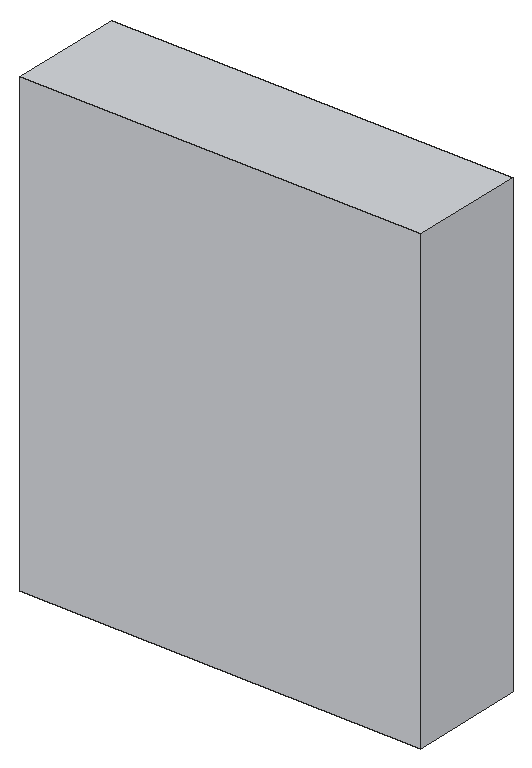
Revit family "2b830617dbf64730bacb60b8d8c2264f", category Site, host Wall, Revit 2021
Family settings
  Host = Wall
  Round Connector Dimension = Use Diameter
  Part Type = Normal
  Seek Item ID = DSL Connection-0000-USA-ENU
  Always vertical = Yes
  Cut with Voids When Loaded = No
  Shared = No
Parameters (values of type "Standard")
  Width = 0' - 5 3/4"
  Length = 1' - 8"
  Install Height = 4' - 0"
  Height = 1' - 11"
Reference planes (in)
  plane 1: y = 0
  plane 2 "Center (Left/Right)": x = 0
  plane 3 "Wall Edge": y = 3
  plane 4: z = 48
  plane 5: z = 71
  plane 6: x = 10
  plane 7: x = -10
  plane 8: y = 8.75
Forms (in)
  Extrusion 1, solid
    sketch origin (0, 0, 0) x (0, 1, 0) y (0, 0, 1)
      loop
        line (8.75, 71) -> (3, 71) -> (3, 48) -> (8.75, 48) -> (8.75, 71)
    from -10 to 10
Text (in)
  text "Placement Side" at (0, 40.15149, 123.01588), in view "Right"
  text "Placement Side" at (-70.3804, 28.46503, 0), in view "Ref. Level"
  text "Placement Side" at (0, 81.62555, 140.59947), in view "Left"
Dimensions and locks (in)
  locked: plane 3 "Wall Edge" to host wall
  "Install Height": plane 4 to level
  "Height": plane 5 to plane 4
  equal spacing: plane 7, plane 2 "Center (Left/Right)", plane 6
  "Length": plane 7 to plane 6
  "Width": plane 8 to plane 3 "Wall Edge"
  aligned and locked: plane 8 to Extrusion 1 sketch curve
  aligned and locked: plane 5 to Extrusion 1 sketch curve
  aligned and locked: plane 4 to Extrusion 1 sketch curve
  aligned and locked: Extrusion 1 sketch curve to host wall
  aligned and locked: plane 7 to Extrusion 1
  aligned and locked: Extrusion 1 to plane 6
  aligned and locked: plane 5 to Extrusion 1
  aligned and locked: Extrusion 1 to plane 4
Connectors (in)
  electrical at (10, 5.875, 59.5)
    settings: on Extrusion 1, index 1, voltage 0 V, apparent load 0 VA, apparent load phase1 0 VA, apparent load phase2 0 VA, apparent load phase3 0 VA, power factor 1, load classification "Other", number of poles 1, system type 14, power factor state 1, is connector primary yes, connector utility yes, sub classification motor no, connector description "DSL"
  electrical at (-10, 5.875, 59.5)
    settings: on Extrusion 1, index 2, voltage 0 V, apparent load 0 VA, apparent load phase1 0 VA, apparent load phase2 0 VA, apparent load phase3 0 VA, power factor 1, load classification "Other", number of poles 1, system type 14, power factor state 1, is connector primary no, connector utility no, sub classification motor no, connector description "DSL"
